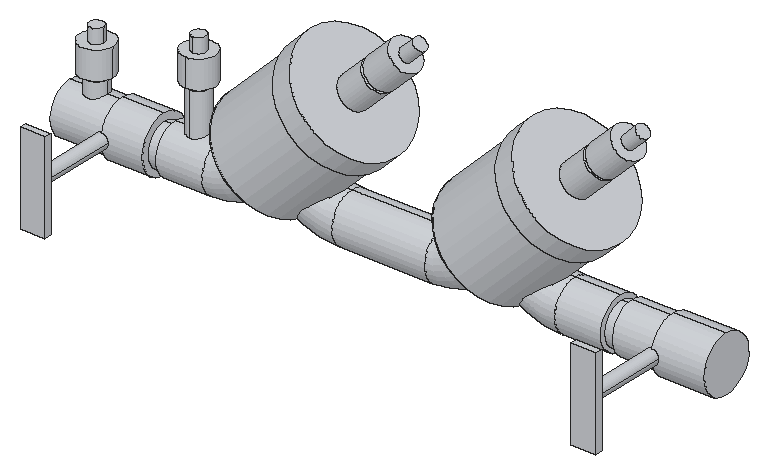
Revit family "VALVE-BACKFLOW_PREVENTER-919-WATTS", category Mechanical Equipment, Revit 2012
Parameters (values of type "1"")
  Width 2 = Outside Radius * 0.45  # 0' - 0.27"
  Width 1 = 0' - 1 5/16"
  Valve Material = none
  Valve Length = 1' - 2 3/16"
  Type Comments = "RP - REDUCE PRESSURE ASSEMBLY"
  Thickness 1 = Outside Radius * 0.25  # 0' - 0.15"
  SIZE = "1\""
  SERVES [instance] = ""
  SERIAL NO. [instance] = ""
  Radius 9 = Outside Radius * 0.4  # 0' - 0.24"
  Radius 8 = Outside Radius * 0.25  # 0' - 0.15"
  Radius 7 = Outside Radius * 0.6  # 0' - 0.36"
  Radius 6 = Width 1  # 0' - 1 5/16"
  Radius 5 = 0.95 * Width 1  # 0' - 1.24687"
  Radius 4 = Outside Radius * 0.75  # 0' - 0.45"
  Radius 3 = Outside Radius * 0.9  # 0' - 0.54"
  Radius 2 = 0' - 1 1/2"
  Radius 10 = 0.75 * Width 1  # 0' - 0 63/64"
  Radius 1 = 0' - 1"
  REG OBJECT ID NO. [instance] = ""
  Pressure Drop = 5.50 psi
  Outside Radius = 1 / 2 * Outside Diameter  # 0' - 0.6"
  Outside Diameter = 1.2 * Norminal Diameter  # 0' - 1.2"
  Open Height = 0' - 8 1/2"
  Norminal Radius = Norminal Diameter / 2  # 1/2"
  Norminal Diameter = 1"
  Model = "LF919QT-S"
  Manufacturer = "WATTS"
  Length 9 = 1.75 / 20 * Length  # 0' - 0.44326"
  Length 8 = 0.25 / 20 * Length  # 0' - 0.06332"
  Length 7 = 3 / 20 * Length  # 0' - 0.75988"
  Length 6 = 2 / 20 * Length  # 0' - 0.50659"
  Length 5 = 8 / 20 * Length  # 0' - 2.02635"
  Length 4 = 1 / 20 * Length  # 0' - 0.25329"
  Length 3 = 1 / 4 * Length 1  # 0' - 0 1/4"
  Length 2 = 0' - 1"
  Length 1 = 0' - 1"
  Length = (C1 Offset 1 + (Radius 1 * sin(Angle 1)) - Radius 1) / sin(Angle 2)  # 0' - 5.06586"
  Height 6 = 1 / 6 * Height 1  # 0' - 0.3"
  Height 5 = 1 / 3 * Height 1  # 0' - 0.6"
  Height 4 = 1 / 20 * Height 1  # 0' - 0.09"
  Height 3 = 9 / 20 * Height 1  # 0' - 0.81"
  Height 2 = 2 * Outside Diameter  # 0' - 2.4"
  Height 1 = 1.5 * Outside Diameter  # 0' - 1.8"
  FURNISHED BY = "BY OTHERS"
  Description = "RPZ"
  C1 Offset 2 = 0' - 2 7/16"
  C1 Offset 1 = 0' - 3 7/8"
  Body Length = 0' - 9 5/8"
  Angle 2 = 90.00° - Angle 1  # 45.00°
  Angle 1 = 45.00°
Types (6): name | Width 2 | Width 1 | Valve Length | Thickness 1 | SIZE | Radius 9 | Radius 8 | Radius 7 | Radius 6 | Radius 5 | Radius 4 | Radius 3 | Radius 2 | Radius 10 | Radius 1 | Pressure Drop | Outside Radius | Outside Diameter | Norminal Radius | Norminal Diameter | Length 9 | Length 8 | Length 7 | Length 6 | Length 5 | Length 4 | Length 3 | Length 2 | Length 1 | Length | Height 6 | Height 5 | Height 4 | Height 3 | Height 2 | Height 1 | C1 Offset 2 | C1 Offset 1 | Body Length
  1/2" | 0' - 0.135" | 0' - 0 3/4" | 0' - 9 9/16" | 0' - 0.075" | "1/2\"" | 0' - 0.12" | 0' - 0.075" | 0' - 0.18" | 0' - 0 3/4" | 0' - 0.7125" | 0' - 0.225" | 0' - 0.27" | 0' - 1" | 0' - 0 9/16" | 0' - 1" | 5.00 psi | 0' - 0.3" | 0' - 0.6" | 1/4" | 1/2" | 0' - 0.32725" | 0' - 0.04675" | 0' - 0.56101" | 0' - 0.374" | 0' - 1.49602" | 0' - 0.187" | 0' - 0 1/8" | 0' - 0 1/2" | 0' - 0 1/2" | 0' - 3.74004" | 0' - 0.15" | 0' - 0.3" | 0' - 0.045" | 0' - 0.405" | 0' - 1.2" | 0' - 0.9" | 0' - 1 11/16" | 0' - 2 15/16" | 0' - 5 13/16"
  3/4" | 0' - 0.2025" | 0' - 1 1/16" | 1' - 0 1/8" | 0' - 0.1125" | "3/4\"" | 0' - 0.18" | 0' - 0.1125" | 0' - 0.27" | 0' - 1 1/16" | 0' - 1.00937" | 0' - 0.3375" | 0' - 0.405" | 0' - 0 3/4" | 0' - 0 51/64" | 0' - 0 1/2" | 5.10 psi | 0' - 0.45" | 0' - 0.9" | 3/8" | 3/4" | 0' - 0.41498" | 0' - 0.05928" | 0' - 0.7114" | 0' - 0.47426" | 0' - 1.89706" | 0' - 0.23713" | 0' - 0 41/128" | 0' - 0 3/4" | 0' - 1 9/32" | 0' - 4.74264" | 0' - 0.225" | 0' - 0.45" | 0' - 0.0675" | 0' - 0.6075" | 0' - 1.8" | 0' - 1.35" | 0' - 2 1/16" | 0' - 3 1/2" | 0' - 7 11/16"
  1" | 0' - 0.27" | 0' - 1 5/16" | 1' - 2 3/16" | 0' - 0.15" | "1\"" | 0' - 0.24" | 0' - 0.15" | 0' - 0.36" | 0' - 1 5/16" | 0' - 1.24687" | 0' - 0.45" | 0' - 0.54" | 0' - 1 1/2" | 0' - 0 63/64" | 0' - 1" | 5.50 psi | 0' - 0.6" | 0' - 1.2" | 1/2" | 1" | 0' - 0.44326" | 0' - 0.06332" | 0' - 0.75988" | 0' - 0.50659" | 0' - 2.02635" | 0' - 0.25329" | 0' - 0 1/4" | 0' - 1" | 0' - 1" | 0' - 5.06586" | 0' - 0.3" | 0' - 0.6" | 0' - 0.09" | 0' - 0.81" | 0' - 2.4" | 0' - 1.8" | 0' - 2 7/16" | 0' - 3 7/8" | 0' - 9 5/8"
  1-1/4" | 0' - 0.3375" | 0' - 1 5/8" | 1' - 6 15/16" | 0' - 0 3/16" | "1-1/4\"" | 0' - 0.3" | 0' - 0 3/16" | 0' - 0.45" | 0' - 1 5/8" | 0' - 1.54375" | 0' - 0 9/16" | 0' - 0.675" | 0' - 2" | 0' - 1 7/32" | 0' - 1 1/2" | 5.00 psi | 0' - 0 3/4" | 0' - 1 1/2" | 5/8" | 1 1/4" | 0' - 0.57982" | 0' - 0.08283" | 0' - 0.99398" | 0' - 0.66265" | 0' - 2.65061" | 0' - 0.33133" | 0' - 0 1/4" | 0' - 1" | 0' - 1" | 0' - 6.62652" | 0' - 0 3/8" | 0' - 0 3/4" | 0' - 0.1125" | 0' - 1.0125" | 0' - 3" | 0' - 2 1/4" | 0' - 2 5/8" | 0' - 5 1/8" | 0' - 11 11/16"
  1-1/2" | 0' - 0.405" | 0' - 1 5/8" | 1' - 6 15/16" | 0' - 0.225" | "1-1/2\"" | 0' - 0.36" | 0' - 0.225" | 0' - 0.54" | 0' - 1 5/8" | 0' - 1.54375" | 0' - 0.675" | 0' - 0.81" | 0' - 2" | 0' - 1 7/32" | 0' - 1 1/2" | 5.00 psi | 0' - 0.9" | 0' - 1.8" | 3/4" | 1 1/2" | 0' - 0.57982" | 0' - 0.08283" | 0' - 0.99398" | 0' - 0.66265" | 0' - 2.65061" | 0' - 0.33133" | 0' - 0 1/4" | 0' - 1" | 0' - 1" | 0' - 6.62652" | 0' - 0.45" | 0' - 0.9" | 0' - 0.135" | 0' - 1.215" | 0' - 3.6" | 0' - 2.7" | 0' - 3 1/8" | 0' - 5 1/8" | 0' - 11 11/16"
  2" | 0' - 0.54" | 0' - 1 15/16" | 1' - 9 3/16" | 0' - 0.3" | "2\"" | 0' - 0.48" | 0' - 0.3" | 0' - 0.72" | 0' - 1 15/16" | 0' - 1.84062" | 0' - 0.9" | 0' - 1.08" | 0' - 3" | 0' - 1 29/64" | 0' - 2" | 4.00 psi | 0' - 1.2" | 0' - 2.4" | 1" | 2" | 0' - 0.62357" | 0' - 0.08908" | 0' - 1.06898" | 0' - 0.71265" | 0' - 2.85061" | 0' - 0.35633" | 0' - 0 1/4" | 0' - 0 3/4" | 0' - 1" | 0' - 7.12652" | 0' - 0.6" | 0' - 1.2" | 0' - 0.18" | 0' - 1.62" | 0' - 4.8" | 0' - 3.6" | 0' - 3 7/16" | 0' - 5 5/8" | 1' - 1 3/8"
Reference planes (in)
  plane 1 "Center (Front/Back)": y = 0
  plane 2: z = 0
  plane 3 "Center (Left/Right)": x = 0
  plane 4: x = -4.8125
  plane 5: x = 4.8125
  plane 6: x = -7.09375
  plane 7: x = 7.09375
  plane 8: x = -3.8125
  plane 9: x = 1
  plane 10: x = 3.8125
  plane 11: x = -1
  plane 12: z = 1
  plane 13: z = 1.5
  plane 14: x = -5.95312
  plane 15: x = 5.95313
  plane 16: x = -5.0625
  plane 17: x = 5.0625
  plane 18: x = -4.3125
  plane 19: x = -6.22312
  plane 20: x = -5.68312
  plane 21: x = -6.52344
  plane 22: z = 1.8
  plane 23: z = 2.4
  plane 24: y = -2.4375
  plane 25: x = 6.22313
  plane 26: x = 5.68313
Forms (in)
  Sweep 1, solid, material <- "Valve Material", detail levels fine
    path origin (0, 0, 0) x (1, 0, 0) y (0, 0, 1)
      loop
        line (-4.8125, 0) -> (-3.8125, 0)
    profile origin (-4.3125, 0, 0) x (0, 0, 1) y (0, -1, 0)
      loop
        circle (0, 0) r 0.54
  Sweep 2, solid, material <- "Valve Material", detail levels fine
    path origin (0, 0, 0) x (1, 0, 0) y (0, 0, 1)
      loop
        line (3.8125, 0) -> (4.8125, 0)
    profile origin (4.3125, 0, 0) x (0, 0, 1) y (0, -1, 0)
      loop
        circle (0, 0) r 0.54
  Sweep 3, solid, material <- "Valve Material", detail levels fine
    path origin (0, 0, 0) x (1, 0, 0) y (0, 0, 1)
      loop
        line (-1, 0) -> (1, 0)
    profile origin (0, 0, 0) x (0, 0, 1) y (0, -1, 0)
      loop
        circle (0, 0) r 0.54
  Sweep 4, solid, material <- "Valve Material", detail levels fine
    path in 3D
      loop
        arc (-3.8125, 0, 0) -> (-3.42982, 0, 0.07612) -> (-3.10539, 0, 0.29289) r 1
    profile origin (-3.42982, 0, 0.07612) x (-0.382683, 0, 0.92388) y (0, -1, 0)
      loop
        circle (0, 0) r 0.54
  Sweep 5, solid, material <- "Valve Material", detail levels fine
    path in 3D
      loop
        arc (1, 0, 0) -> (1.38268, 0, 0.07612) -> (1.70711, 0, 0.29289) r 1
    profile origin (1.38268, 0, 0.07612) x (-0.382683, 0, 0.92388) y (0, -1, 0)
      loop
        circle (0, 0) r 0.54
  Sweep 6, solid, material <- "Valve Material", detail levels fine
    path origin (0, 0, 0) x (1, 0, 0) y (0, 0, 1)
      loop
        line (-3.10539, 0.29289) -> (-2.92629, 0.472)
    profile origin (-3.01584, 0, 0.38245) x (-0.707107, 0, 0.707107) y (0, -1, 0)
      loop
        circle (0, 0) r 0.6
  Sweep 7, solid, material <- "Valve Material", detail levels fine
    path origin (0, 0, 0) x (1, 0, 0) y (0, 0, 1)
      loop
        line (1.70711, 0.29289) -> (1.88621, 0.472)
    profile origin (1.79666, 0, 0.38245) x (-0.707107, 0, 0.707107) y (0, -1, 0)
      loop
        circle (0, 0) r 0.6
  Blend 8, solid, material <- "Valve Material", detail levels fine
    base sketch origin (-2.92629, 0, 0.472) x (0, -1, 0) y (0.707107, 0, -0.707107)
      loop
        circle (0, 0) r 0.6
    top sketch origin (-2.92629, 0, 0.472) x (0, -1, 0) y (0.707107, 0, -0.707107)
      loop
        circle (0, 0) r 1.24687
    from 0 to 0.25329
  Blend 9, solid, material <- "Valve Material", detail levels fine
    base sketch origin (1.88621, 0, 0.472) x (0, -1, 0) y (0.707107, 0, -0.707107)
      loop
        circle (0, 0) r 0.6
    top sketch origin (1.88621, 0, 0.472) x (0, -1, 0) y (0.707107, 0, -0.707107)
      loop
        circle (0, 0) r 1.24687
    from 0 to 0.25329
  Sweep 10, solid, material <- "Valve Material", detail levels fine
    path origin (0, 0, 0) x (1, 0, 0) y (0, 0, 1)
      loop
        line (-2.74718, 0.6511) -> (-1.31434, 2.08395)
    profile origin (-2.03076, 0, 1.36753) x (-0.707107, 0, 0.707107) y (0, -1, 0)
      loop
        circle (0, 0) r 1.24687
  Sweep 11, solid, material <- "Valve Material", detail levels fine
    path origin (0, 0, 0) x (1, 0, 0) y (0, 0, 1)
      loop
        line (2.06532, 0.6511) -> (3.49816, 2.08395)
    profile origin (2.78174, 0, 1.36753) x (-0.707107, 0, 0.707107) y (0, -1, 0)
      loop
        circle (0, 0) r 1.24687
  Sweep 12, solid, material <- "Valve Material", detail levels fine
    path in 3D
      loop
        arc (-1, 0, 0) -> (-1.86093, 0, 0.27167) -> (-2.41001, 0, 0.98827) r 1.5
    profile origin (-1.86093, 0, 0.27167) x (-0.573955, 0, -0.818887) y (0, -1, 0)
      loop
        circle (0, 0) r 0.54
  Sweep 13, solid, material <- "Valve Material", detail levels fine
    path in 3D
      loop
        arc (3.8125, 0, 0) -> (2.95157, 0, 0.27167) -> (2.40249, 0, 0.98827) r 1.5
    profile origin (2.95157, 0, 0.27167) x (-0.573955, 0, -0.818887) y (0, -1, 0)
      loop
        circle (0, 0) r 0.54
  Sweep 14, solid, material <- "Valve Material", detail levels fine
    path origin (0, 0, 0) x (1, 0, 0) y (0, 0, 1)
      loop
        line (-1.31434, 2.08395) -> (-0.95613, 2.44216)
    profile origin (-1.13523, 0, 2.26305) x (-0.707107, 0, 0.707107) y (0, -1, 0)
      loop
        circle (0, 0) r 1.3125
  Sweep 15, solid, material <- "Valve Material", detail levels fine
    path origin (0, 0, 0) x (1, 0, 0) y (0, 0, 1)
      loop
        line (3.49816, 2.08395) -> (3.85637, 2.44216)
    profile origin (3.67727, 0, 2.26305) x (-0.707107, 0, 0.707107) y (0, -1, 0)
      loop
        circle (0, 0) r 1.3125
  Sweep 16, solid, material <- "Valve Material", detail levels fine
    path origin (0, 0, 0) x (1, 0, 0) y (0, 0, 1)
      loop
        line (-0.95613, 2.44216) -> (-0.41881, 2.97947)
    profile origin (-0.68747, 0, 2.71082) x (-0.707107, 0, 0.707107) y (0, -1, 0)
      loop
        circle (0, 0) r 0.36
  Sweep 17, solid, material <- "Valve Material", detail levels fine
    path origin (0, 0, 0) x (1, 0, 0) y (0, 0, 1)
      loop
        line (3.85637, 2.44216) -> (4.39369, 2.97947)
    profile origin (4.12503, 0, 2.71082) x (-0.707107, 0, 0.707107) y (0, -1, 0)
      loop
        circle (0, 0) r 0.36
  Sweep 18, solid, material <- "Valve Material", detail levels fine
    path origin (0, 0, 0) x (1, 0, 0) y (0, 0, 1)
      loop
        line (-0.41881, 2.97947) -> (-0.37404, 3.02425)
    profile origin (-0.39642, 0, 3.00186) x (-0.707107, 0, 0.707107) y (0, -1, 0)
      loop
        circle (0, 0) r 0.15
  Sweep 19, solid, material <- "Valve Material", detail levels fine
    path origin (0, 0, 0) x (1, 0, 0) y (0, 0, 1)
      loop
        line (4.39369, 2.97947) -> (4.43846, 3.02425)
    profile origin (4.41608, 0, 3.00186) x (-0.707107, 0, 0.707107) y (0, -1, 0)
      loop
        circle (0, 0) r 0.15
  Sweep 20, solid, material <- "Valve Material", detail levels fine
    path origin (0, 0, 0) x (1, 0, 0) y (0, 0, 1)
      loop
        line (-0.37404, 3.02425) -> (0.16328, 3.56157)
    profile origin (-0.10538, 0, 3.29291) x (-0.707107, 0, 0.707107) y (0, -1, 0)
      loop
        circle (0, 0) r 0.36
  Sweep 21, solid, material <- "Valve Material", detail levels fine
    path origin (0, 0, 0) x (1, 0, 0) y (0, 0, 1)
      loop
        line (4.43846, 3.02425) -> (4.97578, 3.56157)
    profile origin (4.70712, 0, 3.29291) x (-0.707107, 0, 0.707107) y (0, -1, 0)
      loop
        circle (0, 0) r 0.36
  Sweep 22, solid, material <- "Valve Material", detail levels fine
    path origin (0, 0, 0) x (1, 0, 0) y (0, 0, 1)
      loop
        line (0.16328, 3.56157) -> (0.47671, 3.875)
    profile origin (0.32, 0, 3.71828) x (-0.707107, 0, 0.707107) y (0, -1, 0)
      loop
        circle (0, 0) r 0.15
  Sweep 23, solid, material <- "Valve Material", detail levels fine
    path origin (0, 0, 0) x (1, 0, 0) y (0, 0, 1)
      loop
        line (4.97578, 3.56157) -> (5.28921, 3.875)
    profile origin (5.1325, 0, 3.71828) x (-0.707107, 0, 0.707107) y (0, -1, 0)
      loop
        circle (0, 0) r 0.15
  Sweep 24, solid, material <- "Valve Material", detail levels fine
    path origin (0, 0, 0) x (1, 0, 0) y (0, 0, 1)
      loop
        line (5.95313, 0) -> (7.09375, 0)
    profile origin (6.52344, 0, 0) x (0, 0, 1) y (0, -1, 0)
      loop
        circle (0, 0) r 0.6
  Sweep 25, solid, material <- "Valve Material", detail levels fine
    path origin (0, 0, 0) x (1, 0, 0) y (0, 0, 1)
      loop
        line (-5.95312, 0) -> (-5.0625, 0)
    profile origin (-5.50781, 0, 0) x (0, 0, 1) y (0, -1, 0)
      loop
        circle (0, 0) r 0.6
  Sweep 26, solid, material <- "Valve Material", detail levels fine
    path origin (0, 0, 0) x (1, 0, 0) y (0, 0, 1)
      loop
        line (-5.95312, 0) -> (-7.09375, 0)
    profile origin (-6.52344, 0, 0) x (0, 0, -1) y (0, -1, 0)
      loop
        circle (0, 0) r 0.54
  Sweep 27, solid, material <- "Valve Material", detail levels fine
    path origin (0, 0, 0) x (1, 0, 0) y (0, 0, 1)
      loop
        line (5.0625, 0) -> (5.95313, 0)
    profile origin (5.50781, 0, 0) x (0, 0, 1) y (0, -1, 0)
      loop
        circle (0, 0) r 0.54
  Sweep 28, solid, material <- "Valve Material", detail levels fine
    path origin (0, 0, 0) x (1, 0, 0) y (0, 0, 1)
      loop
        line (-5.0625, 0) -> (-4.8125, 0)
    profile origin (-4.9375, 0, 0) x (0, 0, 1) y (0, -1, 0)
      loop
        circle (0, 0) r 0.45
  Sweep 29, solid, material <- "Valve Material", detail levels fine
    path origin (0, 0, 0) x (1, 0, 0) y (0, 0, 1)
      loop
        line (4.8125, 0) -> (5.0625, 0)
    profile origin (4.9375, 0, 0) x (0, 0, 1) y (0, -1, 0)
      loop
        circle (0, 0) r 0.45
  Sweep 30, solid, material <- "Valve Material", detail levels fine
    path origin (0, 0, 0) x (1, 0, 0) y (0, 0, 1)
      loop
        line (-6.52344, 0) -> (-6.52344, 0.81)
    profile origin (-6.52344, 0, 0.405) x (-1, 0, 0) y (0, -1, 0)
      loop
        circle (0, 0) r 0.24
  Sweep 31, solid, material <- "Valve Material", detail levels fine
    path origin (0, 0, 0) x (1, 0, 0) y (0, 0, 1)
      loop
        line (-6.52344, 0.81) -> (-6.52344, 0.9)
    profile origin (-6.52344, 0, 0.855) x (-1, 0, 0) y (0, -1, 0)
      loop
        circle (0, 0) r 0.15
  Sweep 32, solid, material <- "Valve Material", detail levels fine
    path origin (0, 0, 0) x (1, 0, 0) y (0, 0, 1)
      loop
        line (-6.52344, 0.9) -> (-6.52344, 1.5)
    profile origin (-6.52344, 0, 1.2) x (-1, 0, 0) y (0, -1, 0)
      loop
        circle (0, 0) r 0.36
  Sweep 33, solid, material <- "Valve Material", detail levels fine
    path origin (0, 0, 0) x (1, 0, 0) y (0, 0, 1)
      loop
        line (-6.52344, 1.5) -> (-6.52344, 1.8)
    profile origin (-6.52344, 0, 1.65) x (-1, 0, 0) y (0, -1, 0)
      loop
        circle (0, 0) r 0.15
  Sweep 34, solid, material <- "Valve Material", detail levels fine
    path origin (0, 0, 0) x (1, 0, 0) y (0, 0, 1)
      loop
        line (-4.3125, 2.4) -> (-4.3125, 2.1)
    profile origin (-4.3125, 0, 2.25) x (0, -1, 0) y (1, 0, 0)
      loop
        circle (0, 0) r 0.15
  Sweep 35, solid, material <- "Valve Material", detail levels fine
    path origin (0, 0, 0) x (1, 0, 0) y (0, 0, 1)
      loop
        line (-4.3125, 2.1) -> (-4.3125, 1.5)
    profile origin (-4.3125, 0, 1.8) x (0, -1, 0) y (1, 0, 0)
      loop
        circle (0, 0) r 0.36
  Sweep 36, solid, material <- "Valve Material", detail levels fine
    path origin (0, 0, 0) x (1, 0, 0) y (0, 0, 1)
      loop
        line (-4.3125, 1.5) -> (-4.3125, 1.41)
    profile origin (-4.3125, 0, 1.455) x (0, -1, 0) y (1, 0, 0)
      loop
        circle (0, 0) r 0.15
  Sweep 37, solid, material <- "Valve Material", detail levels fine
    path origin (0, 0, 0) x (1, 0, 0) y (0, 0, 1)
      loop
        line (-4.3125, 1.41) -> (-4.3125, 0)
    profile origin (-4.3125, 0, 0.705) x (0, -1, 0) y (1, 0, 0)
      loop
        circle (0, 0) r 0.24
  Sweep 38, solid, material <- "Valve Material", detail levels fine
    path origin (0, 0, 0) x (1, 0, 0) y (0, 1, 0)
      loop
        line (-5.95312, 0) -> (-5.95312, -2.4375)
    profile origin (-5.95312, -1.21875, 0) x (1, 0, 0) y (0, 0, 1)
      loop
        circle (0, 0) r 0.15
  Sweep 39, solid, material <- "Valve Material", detail levels fine
    path origin (0, 0, 0) x (-1, 0, 0) y (0, -1, 0)
      loop
        line (-5.95312, 0) -> (-5.95312, 2.4375)
    profile origin (5.95312, -1.21875, 0) x (1, 0, 0) y (0, 0, 1)
      loop
        circle (0, 0) r 0.15
  Extrusion 40, solid, material <- "Valve Material", detail levels fine
    sketch origin (-6.47135, -2.4375, 48) x (-1, 0, 0) y (0, 0, 1)
      loop
        line (-0.24822, -47.01563) -> (-0.78822, -47.01563) -> (-0.78822, -48.98438) -> (-0.24822, -48.98438) -> (-0.24822, -47.01563)
    from 0 to 0.15
  Extrusion 41, solid, material <- "Valve Material", detail levels fine
    sketch origin (6.47135, -2.4375, 48) x (1, 0, 0) y (0, 0, -1)
      loop
        line (-0.24822, 47.01563) -> (-0.24822, 48.98437) -> (-0.78822, 48.98438) -> (-0.78822, 47.01563) -> (-0.24822, 47.01563)
    from 0 to 0.15
Cuts and joins
  joined: Sweep 3, Sweep 5, Sweep 12
  joined: Sweep 2, Sweep 13
  joined: Sweep 1, Sweep 4, Sweep 37
  joined: Sweep 25, Sweep 26, Sweep 30, Sweep 38, Extrusion 40
  joined: Sweep 24, Sweep 27, Sweep 39, Extrusion 41
Lines and regions (in)
  reference lines, not visible
    curve 1: line (-3.8125, 0, 1) -> (-3.10539, 0, 0.29289)
    curve 2: arc (-3.8125, 0, 0) -> (-3.42982, 0, 0.07612) -> (-3.10539, 0, 0.29289) r 1
    curve 3: line (1, 0, 1) -> (1.70711, 0, 0.29289)
    curve 4: arc (1, 0, 0) -> (1.38268, 0, 0.07612) -> (1.70711, 0, 0.29289) r 1
    curve 5: line (-3.10539, 0, 0.29289) -> (-0.56105, 0, 2.83724)
    curve 6: line (1.70711, 0, 0.29289) -> (3.97088, 0, 2.55667)
    curve 7: arc (-1, 0, 0) -> (-1.86093, 0, 0.27167) -> (-2.41001, 0, 0.98827) r 1.5
    curve 8: arc (3.8125, 0, 0) -> (2.95157, 0, 0.27167) -> (2.40249, 0, 0.98827) r 1.5
  sketch lines
    curve 9: arc (-3.8125, 0, 0) -> (-3.42982, 0, 0.07612) -> (-3.10539, 0, 0.29289) r 1
    curve 10: arc (1, 0, 0) -> (1.38268, 0, 0.07612) -> (1.70711, 0, 0.29289) r 1
    curve 11: arc (-1, 0, 0) -> (-1.86093, 0, 0.27167) -> (-2.41001, 0, 0.98827) r 1.5
    curve 12: arc (3.8125, 0, 0) -> (2.95157, 0, 0.27167) -> (2.40249, 0, 0.98827) r 1.5
  symbolic lines, style "BACKFLOW PREVENTER", detail levels coarse+medium
    curve 13: line (-7.09375, 4.07812, 0) -> (-7.09375, -4.07812, 0)
    curve 28: line (-3.96875, 4.07812, 0) -> (-3.96875, -4.07812, 0)
    curve 29: line (0, 4.07812, 0) -> (0, -4.07812, 0)
    curve 30: line (-3.96875, 4.07812, 0) -> (-7.09375, -4.07812, 0)
    curve 31: line (-7.09375, 4.07812, 0) -> (-3.96875, -4.07812, 0)
    curve 32: line (0, 4.07812, 0) -> (-3.96875, 4.07812, 0)
    curve 33: line (0, -4.07812, 0) -> (-3.96875, -4.07812, 0)
    curve 35: line (3.4375, 4.07812, 0) -> (7.09375, -4.07812, 0)
    curve 36: line (7.09375, 4.07812, 0) -> (3.4375, -4.07812, 0)
    curve 37: line (0, 4.07812, 0) -> (3.4375, 4.07812, 0)
    curve 38: line (0, -4.07812, 0) -> (3.4375, -4.07812, 0)
    curve 39: line (7.09375, -4.07812, 0) -> (7.09375, 4.07812, 0)
    curve 40: line (3.4375, 4.07812, 0) -> (3.4375, -4.07812, 0)
  symbolic lines, detail levels coarse+medium
    curve 14: line (7.09375, -4.07812, 0) -> (7.09375, 2.42187, 0)
    curve 34: line (7.09375, 2.70312, 0) -> (7.09375, -4.07812, 0)
  model lines, style "BACKFLOW PREVENTER", detail levels coarse+medium
    curve 15: line (0, 0, -2.7) -> (0, 0, 2.7)
    curve 16: line (0, 0, 2.7) -> (3.44617, 0, 2.7)
    curve 17: line (3.44617, 0, -2.7) -> (0, 0, -2.7)
    curve 19: line (7.09375, 0, 2.7) -> (7.09375, 0, -2.7)
    curve 20: line (7.09375, 0, 2.7) -> (3.44617, 0, -2.7)
    curve 21: line (3.44617, 0, 2.70775) -> (7.09375, 0, -2.7)
    curve 22: line (0, 0, 2.7) -> (-3.44617, 0, 2.7)
    curve 23: line (-3.44617, 0, -2.7) -> (0, 0, -2.7)
    curve 24: line (-3.44617, 0, 2.7) -> (-3.44617, 0, -2.7)
    curve 25: line (-7.09375, 0, 2.7) -> (-7.09375, 0, -2.7)
    curve 26: line (-7.09375, 0, 2.7) -> (-3.44617, 0, -2.7)
    curve 27: line (-3.44617, 0, 2.70775) -> (-7.09375, 0, -2.7)
  model lines, detail levels coarse+medium
    curve 18: line (3.44617, 0, 2.7) -> (3.44617, 0, -2.7)
Dimensions and locks (in)
  equal spacing: plane 4, plane 3 "Center (Left/Right)", plane 5
  "Body Length": plane 4 to plane 5
  equal spacing: plane 6, plane 3 "Center (Left/Right)", plane 7
  "Valve Length": plane 6 to plane 7
  "Length 1": plane 4 to plane 8
  "Length 1": plane 3 "Center (Left/Right)" to plane 9
  "Length 2": plane 10 to plane 5
  "Length 2": plane 11 to plane 3 "Center (Left/Right)"
  "Radius 1": plane 12 to plane 2
  "Radius 2": plane 13 to plane 2
  "Length 4": Sweep 6 sketch curve to Sweep 6 sketch curve
  "Length 4": Sweep 7 sketch curve to Sweep 7 sketch curve
  "Length 4": Blend 8 to Blend 8
  "Length 4": Blend 9 to Blend 9
  "Length 5": Sweep 10 sketch curve to Sweep 10 sketch curve
  "Length 5": Sweep 11 sketch curve to Sweep 11 sketch curve
  "Length 6": Sweep 14 sketch curve to Sweep 14 sketch curve
  "Length 6": Sweep 15 sketch curve to Sweep 15 sketch curve
  "Length 7": Sweep 16 sketch curve to Sweep 16 sketch curve
  "Length 7": Sweep 17 sketch curve to Sweep 17 sketch curve
  "Length 8": Sweep 18 sketch curve to Sweep 18 sketch curve
  "Length 8": Sweep 19 sketch curve to Sweep 19 sketch curve
  "Length 7": Sweep 20 sketch curve to Sweep 20 sketch curve
  "Length 7": Sweep 21 sketch curve to Sweep 21 sketch curve
  "Length 9": Sweep 22 sketch curve to Sweep 22 sketch curve
  "Length 9": Sweep 23 sketch curve to Sweep 23 sketch curve
  equal spacing: plane 6, plane 14, plane 4
  equal spacing: plane 7, plane 15, plane 5
  "Length 3": plane 16 to plane 4
  "Length 3": plane 17 to plane 5
  equal spacing: plane 4, plane 18, plane 8
  "Width 2": plane 19 to plane 14
  equal spacing: plane 19, plane 14, plane 20
  equal spacing: plane 6, plane 21, plane 14
  "Height 1": plane 22 to plane 2
  "Height 2": plane 23 to plane 2
  "Height 3": Sweep 30 sketch curve to Sweep 30 sketch curve
  "Height 4": Sweep 31 sketch curve to Sweep 31 sketch curve
  "Height 5": Sweep 32 sketch curve to Sweep 32 sketch curve
  "Height 6": Sweep 34 sketch curve to Sweep 34 sketch curve
  "Height 5": Sweep 35 sketch curve to Sweep 35 sketch curve
  "Height 4": Sweep 36 sketch curve to Sweep 36 sketch curve
  "C1 Offset 2": plane 1 "Center (Front/Back)" to plane 24
  equal spacing: Extrusion 40 sketch curve, plane 2, Extrusion 40 sketch curve
  "Radius 10": Extrusion 40 sketch curve to plane 2
  "Thickness 1": Extrusion 40 to plane 24
  "Width 2": plane 25 to plane 15
  equal spacing: plane 25, plane 15, plane 26
  equal spacing: Extrusion 41 sketch curve, plane 2, Extrusion 41 sketch curve
  "Radius 10": Extrusion 41 sketch curve to plane 2
  "Thickness 1": Extrusion 41 to plane 24
  equal spacing: curve 17, plane 2, curve 16
  equal spacing: curve 21, plane 2, curve 20
  equal spacing: curve 23, plane 2, curve 22
  equal spacing: curve 27, plane 2, curve 26
  curve 35 to plane 1 "Center (Front/Back)" to curve 39 = 0' - 4 5/64" locked, 0' - 4 5/64" locked
  curve 13 to plane 1 "Center (Front/Back)" to curve 13 = 0' - 4 5/64" locked, 0' - 4 5/64" locked
  curve 38 to curve 16 to curve 37 = 0' - 4 5/64" locked, 0' - 4 5/64" locked
  curve 40 to curve 16 to curve 40 = 0' - 4 5/64" locked, 0' - 4 5/64" locked
  "Radius 1": radius of curve 2
  "Radius 1": radius of curve 4
  "Radius 2": radius of curve 8
  "Radius 2": radius of curve 7
  "Radius 3": radius of Sweep 1 sketch curve
  "Radius 3": radius of Sweep 2 sketch curve
  "Radius 3": radius of Sweep 3 sketch curve
  "Radius 3": radius of Sweep 4 sketch curve
  "Radius 3": radius of Sweep 5 sketch curve
  "Outside Radius": radius of Sweep 6 sketch curve
  "Outside Radius": radius of Sweep 7 sketch curve
  "Outside Radius": radius of Blend 8 sketch curve
  "Radius 5": radius of Blend 8 sketch curve
  "Outside Radius": radius of Blend 9 sketch curve
  "Radius 5": radius of Blend 9 sketch curve
  "Radius 5": radius of Sweep 10 sketch curve
  "Radius 5": radius of Sweep 11 sketch curve
  "Radius 3": radius of Sweep 12 sketch curve
  "Radius 3": radius of Sweep 13 sketch curve
  "Radius 6": radius of Sweep 14 sketch curve
  "Radius 6": radius of Sweep 15 sketch curve
  "Radius 7": radius of Sweep 16 sketch curve
  "Radius 7": radius of Sweep 17 sketch curve
  "Radius 8": radius of Sweep 18 sketch curve
  "Radius 8": radius of Sweep 19 sketch curve
  "Radius 7": radius of Sweep 20 sketch curve
  "Radius 7": radius of Sweep 21 sketch curve
  "Radius 8": radius of Sweep 22 sketch curve
  "Radius 8": radius of Sweep 23 sketch curve
  "Outside Radius": radius of Sweep 24 sketch curve
  "Outside Radius": radius of Sweep 25 sketch curve
  "Radius 3": radius of Sweep 26 sketch curve
  "Radius 3": radius of Sweep 27 sketch curve
  "Radius 4": radius of Sweep 28 sketch curve
  "Radius 4": radius of Sweep 29 sketch curve
  "Radius 9": radius of Sweep 30 sketch curve
  "Radius 8": radius of Sweep 31 sketch curve
  "Radius 7": radius of Sweep 32 sketch curve
  "Radius 8": radius of Sweep 33 sketch curve
  "Radius 8": radius of Sweep 34 sketch curve
  "Radius 7": radius of Sweep 35 sketch curve
  "Radius 8": radius of Sweep 36 sketch curve
  "Radius 9": radius of Sweep 37 sketch curve
  "Radius 8": radius of Sweep 38 sketch curve
  "Radius 8": radius of Sweep 39 sketch curve
  "Angle 1": angle curve 1 to plane 2
  "Angle 1": angle curve 3 to plane 2
  "Angle 2": angle plane 2 to curve 5
  "Angle 2": angle plane 2 to curve 6
  aligned and locked: plane 8 to curve 1
  aligned and locked: plane 12 to curve 1
  aligned and locked: plane 8 to curve 2  (x2)
  aligned and locked: plane 12 to curve 2
  aligned and locked: plane 9 to curve 3
  aligned and locked: plane 12 to curve 3
  aligned and locked: plane 12 to curve 4
  aligned and locked: plane 9 to curve 4
  aligned and locked: plane 11 to curve 7  (x2)
  aligned and locked: plane 13 to curve 7
  aligned and locked: plane 10 to curve 8  (x2)
  aligned and locked: plane 13 to curve 8
  aligned and locked: plane 4 to Sweep 1 sketch curve
  aligned and locked: Sweep 1 sketch curve to level
  aligned and locked: plane 8 to Sweep 1 sketch curve
  aligned and locked: plane 2 to Sweep 1 sketch curve
  aligned and locked: Sweep 1 sketch curve to curve 5
  aligned and locked: plane 10 to Sweep 2 sketch curve
  aligned and locked: Sweep 2 sketch curve to level
  aligned and locked: plane 5 to Sweep 2 sketch curve
  aligned and locked: plane 2 to Sweep 2 sketch curve
  aligned and locked: Sweep 2 sketch curve to curve 6
  aligned and locked: plane 11 to Sweep 3 sketch curve
  aligned and locked: Sweep 3 sketch curve to level
  aligned and locked: plane 9 to Sweep 3 sketch curve
  aligned and locked: plane 1 "Center (Front/Back)" to Sweep 3 sketch curve
  aligned and locked: plane 2 to Sweep 3 sketch curve
  aligned and locked: plane 1 "Center (Front/Back)" to Sweep 4 sketch curve
  aligned and locked: plane 1 "Center (Front/Back)" to Sweep 5 sketch curve
  aligned and locked: curve 1 to Sweep 6 sketch curve
  aligned and locked: Sweep 6 sketch curve to curve 5
  aligned and locked: plane 1 "Center (Front/Back)" to Sweep 6 sketch curve
  aligned and locked: curve 3 to Sweep 7 sketch curve
  aligned and locked: Sweep 7 sketch curve to curve 6
  aligned and locked: plane 1 "Center (Front/Back)" to Sweep 7 sketch curve
  aligned and locked: plane 1 "Center (Front/Back)" to Blend 8 sketch curve  (x2)
  aligned and locked: Blend 8 to Sweep 6
  aligned and locked: plane 1 "Center (Front/Back)" to Blend 9 sketch curve  (x2)
  aligned and locked: Blend 9 to Sweep 7
  aligned and locked: Blend 8 to Sweep 10 sketch curve
  aligned and locked: plane 1 "Center (Front/Back)" to Sweep 10 sketch curve
  aligned and locked: curve 5 to Sweep 10 sketch curve
  aligned and locked: curve 6 to Sweep 11 sketch curve
  aligned and locked: Blend 9 to Sweep 11 sketch curve
  aligned and locked: plane 1 "Center (Front/Back)" to Sweep 11 sketch curve
  aligned and locked: plane 1 "Center (Front/Back)" to Sweep 12 sketch curve
  aligned and locked: plane 1 "Center (Front/Back)" to Sweep 13 sketch curve
  aligned and locked: curve 5 to Sweep 14 sketch curve
  aligned and locked: Sweep 10 to Sweep 14 sketch curve
  aligned and locked: plane 1 "Center (Front/Back)" to Sweep 14 sketch curve
  aligned and locked: curve 6 to Sweep 15 sketch curve
  aligned and locked: Sweep 11 to Sweep 15 sketch curve
  aligned and locked: plane 1 "Center (Front/Back)" to Sweep 15 sketch curve
  aligned and locked: curve 5 to Sweep 16 sketch curve
  aligned and locked: Sweep 14 to Sweep 16 sketch curve
  aligned and locked: plane 1 "Center (Front/Back)" to Sweep 16 sketch curve
  aligned and locked: curve 6 to Sweep 17 sketch curve
  aligned and locked: Sweep 15 to Sweep 17 sketch curve
  aligned and locked: plane 1 "Center (Front/Back)" to Sweep 17 sketch curve
  aligned and locked: curve 5 to Sweep 18 sketch curve
  aligned and locked: Sweep 16 to Sweep 18 sketch curve
  aligned and locked: plane 1 "Center (Front/Back)" to Sweep 18 sketch curve
  aligned and locked: curve 6 to Sweep 19 sketch curve
  aligned and locked: Sweep 17 to Sweep 19 sketch curve
  aligned and locked: plane 1 "Center (Front/Back)" to Sweep 19 sketch curve
  aligned and locked: curve 5 to Sweep 20 sketch curve
  aligned and locked: Sweep 18 to Sweep 20 sketch curve
  aligned and locked: plane 1 "Center (Front/Back)" to Sweep 20 sketch curve
  aligned and locked: curve 6 to Sweep 21 sketch curve
  aligned and locked: Sweep 19 to Sweep 21 sketch curve
  aligned and locked: plane 1 "Center (Front/Back)" to Sweep 21 sketch curve
  aligned and locked: curve 5 to Sweep 22 sketch curve
  aligned and locked: Sweep 20 to Sweep 22 sketch curve
  aligned and locked: plane 1 "Center (Front/Back)" to Sweep 22 sketch curve
  aligned and locked: curve 6 to Sweep 23 sketch curve
  aligned and locked: Sweep 21 to Sweep 23 sketch curve
  aligned and locked: plane 1 "Center (Front/Back)" to Sweep 23 sketch curve
  aligned and locked: Sweep 24 sketch curve to plane 2
  aligned and locked: plane 7 to Sweep 24 sketch curve
  aligned and locked: plane 15 to Sweep 24 sketch curve
  aligned and locked: plane 2 to Sweep 24 sketch curve
  aligned and locked: plane 1 "Center (Front/Back)" to Sweep 24 sketch curve
  aligned and locked: Sweep 25 sketch curve to plane 2
  aligned and locked: plane 14 to Sweep 25 sketch curve
  aligned and locked: plane 16 to Sweep 25 sketch curve
  aligned and locked: level to Sweep 25 sketch curve
  aligned and locked: plane 1 "Center (Front/Back)" to Sweep 25 sketch curve
  aligned and locked: plane 2 to Sweep 26 sketch curve  (x2)
  aligned and locked: plane 6 to Sweep 26 sketch curve
  aligned and locked: plane 14 to Sweep 26 sketch curve
  aligned and locked: plane 1 "Center (Front/Back)" to Sweep 26 sketch curve
  aligned and locked: Sweep 27 sketch curve to plane 2
  aligned and locked: plane 15 to Sweep 27 sketch curve
  aligned and locked: plane 17 to Sweep 27 sketch curve
  aligned and locked: plane 2 to Sweep 27 sketch curve
  aligned and locked: plane 1 "Center (Front/Back)" to Sweep 27 sketch curve
  aligned and locked: Sweep 28 sketch curve to plane 2
  aligned and locked: plane 16 to Sweep 28 sketch curve
  aligned and locked: plane 4 to Sweep 28 sketch curve
  aligned and locked: plane 2 to Sweep 28 sketch curve
  aligned and locked: plane 1 "Center (Front/Back)" to Sweep 28 sketch curve
  aligned and locked: Sweep 29 sketch curve to plane 2
  aligned and locked: plane 5 to Sweep 29 sketch curve
  aligned and locked: plane 17 to Sweep 29 sketch curve
  aligned and locked: plane 2 to Sweep 29 sketch curve
  aligned and locked: plane 1 "Center (Front/Back)" to Sweep 29 sketch curve
  aligned and locked: Sweep 30 sketch curve to plane 21
  aligned and locked: plane 2 to Sweep 30 sketch curve
  aligned and locked: plane 1 "Center (Front/Back)" to Sweep 30 sketch curve
  aligned and locked: plane 21 to Sweep 30 sketch curve
  aligned and locked: Sweep 31 sketch curve to plane 21
  aligned and locked: cut or joined group of Sweep 25, Sweep 26, Sweep 30, Sweep 38, Extrusion 40 to Sweep 31 sketch curve
  aligned and locked: plane 21 to Sweep 31 sketch curve
  aligned and locked: plane 1 "Center (Front/Back)" to Sweep 31 sketch curve
  aligned and locked: Sweep 32 sketch curve to plane 21
  aligned and locked: Sweep 31 to Sweep 32 sketch curve
  aligned and locked: plane 21 to Sweep 32 sketch curve
  aligned and locked: plane 1 "Center (Front/Back)" to Sweep 32 sketch curve
  aligned and locked: Sweep 33 sketch curve to plane 21
  aligned and locked: Sweep 32 to Sweep 33 sketch curve
  aligned and locked: plane 22 to Sweep 33 sketch curve
  aligned and locked: plane 1 "Center (Front/Back)" to Sweep 33 sketch curve
  aligned and locked: plane 21 to Sweep 33 sketch curve
  aligned and locked: plane 23 to Sweep 34 sketch curve
  aligned and locked: plane 18 to Sweep 34 sketch curve  (x2)
  aligned and locked: plane 1 "Center (Front/Back)" to Sweep 34 sketch curve
  aligned and locked: plane 18 to Sweep 35 sketch curve  (x2)
  aligned and locked: Sweep 34 to Sweep 35 sketch curve
  aligned and locked: plane 1 "Center (Front/Back)" to Sweep 35 sketch curve
  aligned and locked: plane 18 to Sweep 36 sketch curve  (x2)
  aligned and locked: Sweep 35 to Sweep 36 sketch curve
  aligned and locked: plane 1 "Center (Front/Back)" to Sweep 36 sketch curve
  aligned and locked: plane 18 to Sweep 37 sketch curve  (x2)
  aligned and locked: plane 2 to Sweep 37 sketch curve
  aligned and locked: Sweep 36 to Sweep 37 sketch curve
  aligned and locked: plane 1 "Center (Front/Back)" to Sweep 37 sketch curve
  aligned and locked: plane 14 to Sweep 38 sketch curve  (x2)
  aligned and locked: plane 24 to Sweep 38 sketch curve
  aligned and locked: plane 1 "Center (Front/Back)" to Sweep 38 sketch curve
  aligned and locked: plane 2 to Sweep 38 sketch curve
  aligned and locked: Sweep 39 sketch curve to plane 15
  aligned and locked: Sweep 39 sketch curve to plane 24
  aligned and locked: plane 1 "Center (Front/Back)" to Sweep 39 sketch curve
  aligned and locked: Extrusion 40 sketch curve to plane 19
  aligned and locked: Extrusion 40 sketch curve to plane 20
  aligned and locked: plane 26 to Extrusion 41 sketch curve
  aligned and locked: plane 25 to Extrusion 41 sketch curve
  aligned and locked: curve 15 to plane 3 "Center (Left/Right)"
Automatic sketch dimensions
  Sweep 4 sketch curve to profile plane = 0' - 0"
  Sweep 5 sketch curve to profile plane = 0' - 0"
  Sweep 6 sketch curve to profile plane = 0' - 0"
  Sweep 7 sketch curve to profile plane = 0' - 0"
  Sweep 12 sketch curve to profile plane = 0' - 0"
  Sweep 13 sketch curve to profile plane = 0' - 0"
  Sweep 39 sketch curve to plane 2 = 0' - 0"
  Sweep 39 sketch curve to profile plane = 0' - 0"
  plane 6 to curve 27 = 0' - 0"
  curve 19 to plane 7 = 0' - 0"
  curve 26 to plane 8 = 0' - 0.36633"
  curve 27 to curve 22 = 0' - 0"
  plane 10 to curve 21 = 0' - 0.36633"
  curve 15 to level = 0' - 2.7"
  curve 16 to curve 21 = 0' - 0.00775"
  curve 22 to curve 27 = 0' - 0.00775"
  curve 25 to level = 0' - 2.7"
  plane 10 to curve 20 = 0' - 0.36633"
  curve 19 to level = 0' - 2.7"
  Sweep 10 sketch curve to profile plane = 0' - 0"
  Sweep 11 sketch curve to profile plane = 0' - 0"
  Sweep 14 sketch curve to profile plane = 0' - 0"
  Sweep 15 sketch curve to profile plane = 0' - 0"
  Sweep 16 sketch curve to profile plane = 0' - 0"
  Sweep 17 sketch curve to profile plane = 0' - 0"
  Sweep 18 sketch curve to profile plane = 0' - 0"
  Sweep 19 sketch curve to profile plane = 0' - 0"
  Sweep 20 sketch curve to profile plane = 0' - 0"
  Sweep 21 sketch curve to profile plane = 0' - 0"
  Sweep 22 sketch curve to profile plane = 0' - 0"
  Sweep 23 sketch curve to profile plane = 0' - 0"
  curve 13 to plane 6 = 0' - 0"
  curve 29 to plane 3 "Center (Left/Right)" = 0' - 0"
  curve 35 to plane 7 = 0' - 0"
  plane 8 to curve 31 = 0' - 0 5/32"
  plane 10 to curve 36 = 0' - 0 3/8"
  plane 10 to curve 37 = 0' - 0 3/8"
  curve 14 to plane 1 "Center (Front/Back)" = 0' - 2 27/64"
  curve 14 to curve 34 = 0' - 0 9/32"
  curve 34 to curve 36 = 0' - 1 3/8"
  plane 10 to curve 40 = 0' - 0 3/8"
Connectors (in)
  piping at (-7.09375, 0, 0), driven by "Norminal Radius"
    settings: on cut or joined group of Sweep 25, Sweep 26, Sweep 30, Sweep 38, Extrusion 40, index 1, connector radius 1/2", flow factor 0, pipe flow 0 GPM, pressure drop 0.00 psi, fitting loss kfactor 0, connector angle 0.00°, fixture units 0, engagement length 0' - 0", flow configuration 0, flow direction 0, fitting loss method 2, system type 29, joint type 0, gender type 0, connector reference index -1, connector utility 0, adjustable connector no, is connector primary yes, fitting loss table "", connector description "WATER IN"
  piping at (7.09375, 0, 0), driven by "Norminal Radius", driven by "Pressure Drop"
    settings: on cut or joined group of Sweep 24, Sweep 27, Sweep 39, Extrusion 41, index 2, connector radius 1/2", flow factor 0, pipe flow 0 GPM, pressure drop 5.50 psi, fitting loss kfactor 0, connector angle 0.00°, fixture units 0, engagement length 0' - 0", flow configuration 0, flow direction 0, fitting loss method 2, system type 29, joint type 0, gender type 0, connector reference index -1, connector utility 0, adjustable connector no, is connector primary no, fitting loss table "", connector description "WATER OUT"
